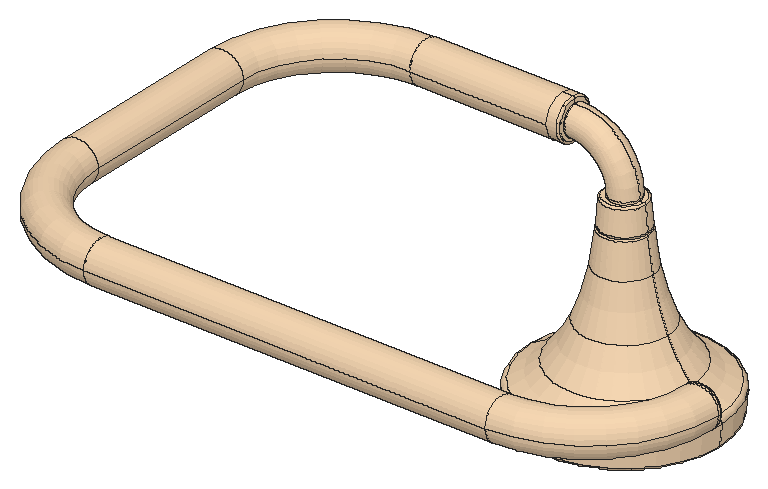
Revit family "Accessory-Towel_Ring-KOHLER-Tone-K-27428", category Specialty Equipment, host Face, Revit 2022
Family settings
  Host = Face
  Round Connector Dimension = Use Diameter
  Part Type = Normal
  OmniClass Number = 23.31.25.25
  OmniClass Title = Towel Bars
  Cut with Voids When Loaded = No
  Maintain Annotation Orientation = No
  Shared = No
  Room Calculation Point = No
Parameters (values of type "2MB-Vibrant Brushed Moderne Brass")
  Width = 8 115/128"  # constant formula
  WaterSense Certified = 1 = 0  # no
  URL = "https://www.us.kohler.com/us/"
  Type = 1
  Secondary Finish = Kohler-Metal-2MB-Vibrant_Brushed_Moderne_Brass
  Product Page URL = "http://www.us.kohler.com/us/catalog/productDetails.jsp?productId=27428"
  Product Name = "Tone\r\n"  # constant formula
  Product Documentation Link = "https://www.us.kohler.com/webassets/kpna/catalog/pdf/en/K-27428_spec_US-CA_Kohler_en.pdf"
  Model = if(Type = 1, "K-27428-2MB", if(Type = 2, "K-27428-BL", if(Type = 3, "K-27428-BMB", if(Type = 4, "K-27428-BN", if(Type = 5, "K-27428-CBL", if(Type = 6, "K-27428-CP", "NA"))))))  # "K-27428-2MB"
  Material = "Premium  Metal Construction"  # constant formula
  Master Format 2014 Name = "Toilet, Bath, and Laundry Accessories"  # constant formula
  Master Format 2014 = "10 28 00"  # constant formula
  Manufacturer Address = "444 Highland Dr, Kohler, WI 53044"  # constant formula
  Manufacturer = "Kohler Co."  # constant formula
  Length = 3 137/256"  # constant formula
  Height = 7 3/128"  # constant formula
  Finish = Kohler-Metal-2MB-Vibrant_Brushed_Moderne_Brass
  Environmental Product Declaration = ""
  Description = "Towel Ring"  # constant formula
  Default Elevation = 42"
  Declare Label = ""
  Date Modified = "03/30/2022"  # constant formula
  Date Created = "03/30/2022"  # constant formula
  Copyright = "Copyright Kohler Co."  # constant formula
  Contact Us = "https://www.us.kohler.com/us/static/contact.jsp"
  Assembly Code = "C1030200"
  ADA Compliant = 1 = 0  # no
Types (7): name | Type | Secondary Finish | Model | Finish
  (no name) | 1 | Kohler-Metal-2MB-Vibrant_Brushed_Moderne_Brass | "K-27428-2MB" | Kohler-Metal-2MB-Vibrant_Brushed_Moderne_Brass
  2MB-Vibrant Brushed Moderne Brass | 1 | Kohler-Metal-2MB-Vibrant_Brushed_Moderne_Brass | "K-27428-2MB" | Kohler-Metal-2MB-Vibrant_Brushed_Moderne_Brass
  BL-Matte Black | 2 | Kohler-Metal-BL-Matte_Black | "K-27428-BL" | Kohler-Metal-BL-Matte_Black
  BMB-Matte Black With Moderne Brass | 3 | Kohler-Metal-2MB-Vibrant_Brushed_Moderne_Brass | "K-27428-BMB" | Kohler-Metal-BL-Matte_Black
  BN-Vibrant Brushed Nickel | 4 | Kohler-Metal-BN-Vibrant_Brushed_Nickel | "K-27428-BN" | Kohler-Metal-BN-Vibrant_Brushed_Nickel
  CBL-Polished Chrome With Matte Black | 5 | Kohler-Metal-CP-Polished_Chrome | "K-27428-CBL" | Kohler-Metal-BL-Matte_Black
  CP-Polished Chrome | 6 | Kohler-Metal-CP-Polished_Chrome | "K-27428-CP" | Kohler-Metal-CP-Polished_Chrome
Reference planes (in)
  plane 1 "Center (Front/Back)": y = 0
  plane 2: z = 0
  plane 3 "Center (Left/Right)": x = 0
  plane 4: y = 1.29457
  plane 5: y = 0.27383
  plane 6: y = -0.27383
  plane 7: y = -1.29457
  plane 8: y = -3.88604
  plane 9: y = -5.18224
  plane 10: y = -5.72886
  plane 11: x = -4.44568
  plane 12: x = -3.89622
  plane 13: x = -1.29457
  plane 14: x = 1.29457
  plane 15: x = 3.90444
  plane 16: x = 4.1786
  plane 17: x = 4.45276
  plane 18: z = 3.53516
  plane 19: z = 2.9871
  plane 20: z = 2.2238
  plane 21: z = 3.26077
Dimensions and locks (in)
  "Height": plane 4 to plane 10
  "Width": plane 11 to plane 17
  plane 4 to plane 7 = 2.58915"  (x2)
  plane 13 to plane 14 = 2.58915"
  plane 3 "Center (Left/Right)" to plane 17 = 4.45276"
  plane 19 to level = 2.9871"
  plane 18 to level = 3 137/256"
  "Length": plane 18 to level
  aligned and locked: plane 2 to host face
  aligned and locked: level to host face
Automatic sketch dimensions
  host sketch curve to host sketch curve = 96"  (x2)
Nested families (in)
  nested 1: "K-27428" at (0, 0, 0), type "K-27428"
Definition of nested family "K-27428"
  Parameters
    Secondary Finish = none
    Material = none
    Default Elevation = 0"
  Reference planes (in)
    plane 1 "Center (Front/Back)": y = 0
    plane 2: z = 0
    plane 3 "Center (Left/Right)": x = 0
    plane 4: z = 3.53445
    plane 5: z = 2.9871
    plane 6: y = 1.29457
    plane 7: y = -5.72948
    plane 8: y = -5.18224
    plane 9: x = 4.45276
    plane 10: x = -4.44488
    plane 11: y = -1.29457
    plane 12: z = 2.2238
    plane 13: x = -1.29457
    plane 14: x = 1.29457
    plane 15: z = 3.26077
    plane 16: x = 4.1786
    plane 17: y = -3.88604
    plane 18: x = -3.89622
    plane 19: y = 0.27383
    plane 20: y = -0.27383
    plane 21: x = 3.90444
  Forms (in)
    Revolve 1, solid, material <- "Material", detail levels medium+fine
      sketch origin (0, 0, 0) x (1, 0, 0) y (0, 0, 1)
        loop
          line (0, 0) -> (0, 2.2238) -> (-0.2868, 2.2238)
          arc (-0.2868, 2.2238) -> (-0.30302, 2.21753) -> (-0.31081, 2.20199) r 0.02412
          arc (-0.31081, 2.20199) -> (-0.33711, 1.9803) -> (-0.37313, 1.75997) r 5.07431
          arc (-0.37313, 1.75997) -> (-0.45425, 1.42811) -> (-0.57176, 1.10733) r 3.06872
          arc (-0.57176, 1.10733) -> (-0.71155, 0.84913) -> (-0.89503, 0.61991) r 1.6446
          arc (-0.89503, 0.61991) -> (-1.05619, 0.48277) -> (-1.24168, 0.38091) r 1.04509
          arc (-1.24168, 0.38091) -> (-1.28218, 0.34574) -> (-1.29426, 0.29348) r 0.08675
          line (-1.29426, 0.29348) -> (-1.27026, 0.01914)
          arc (-1.27026, 0.01914) -> (-1.26353, 0.00551) -> (-1.24937, 0) r 0.02097
          line (-1.24937, 0) -> (0, 0)
        axis (0, 0) -> (0, 2.2238)
      angle from 0 to 360
    Revolve 2, solid, material <- "Secondary Finish", detail levels medium+fine
      sketch origin (0, 0, 0) x (1, 0, 0) y (0, 0, 1)
        loop
          line (0, 2.2238) -> (0, 2.5858) -> (-0.25594, 2.5858)
          arc (-0.25594, 2.5858) -> (-0.27141, 2.57978) -> (-0.27875, 2.5649) r 0.02289
          line (-0.27875, 2.5649) -> (-0.30668, 2.24566)
          arc (-0.30668, 2.24566) -> (-0.30147, 2.23032) -> (-0.28664, 2.2238) r 0.02012
          line (-0.28664, 2.2238) -> (0, 2.2238)
        axis (0, 2.2238) -> (0, 2.5858)
      angle from 0 to 360
    Sweep 3, solid, material <- "Secondary Finish", detail levels medium+fine
      path origin (0, 0, 0) x (1, 0, 0) y (0, 0, 1)
        loop
          line (0, 2.54747) -> (0, 2.61118)
          arc (0, 2.61118) -> (-0.19027, 3.07052) -> (-0.64961, 3.26079) r 0.64961
          line (-0.64961, 3.26079) -> (-0.7396, 3.26079)
      profile origin (0, 0, 2.61118) x (-1, 0, 0) y (0, -1, 0)
        loop
          circle (-0.00385, 0) r 0.19685
    Sweep 4, solid, material <- "Secondary Finish", detail levels medium+fine
      path origin (0, 0, 0) x (1, 0, 0) y (0, 1, 0)
        loop
          line (-0.83131, 0) -> (-2.65517, 0)
          arc (-2.65517, 0) -> (-3.72697, -0.44395) -> (-4.17092, -1.51575) r 1.51575
          line (-4.17092, -1.51575) -> (-4.17092, -3.94011)
          arc (-4.17092, -3.94011) -> (-3.72697, -5.0119) -> (-2.65517, -5.45586) r 1.51575
          line (-2.65517, -5.45586) -> (2.71403, -5.45586)
          arc (2.71403, -5.45586) -> (3.74964, -5.0269) -> (4.1786, -3.99129) r 1.46457
          line (4.1786, -3.99129) -> (4.1786, -3.95715)
      profile origin (0.02943, -5.45586, 0) x (0, 1, 0) y (0, 0, 1)
        loop
          circle (0, 3.26077) r 0.27362
    Revolve 5, void
      sketch origin (0, 0.00308, 0) x (0, 1, 0) y (0, 0, 1)
        loop
          arc (-1.2711, 0.24084) -> (-1.2944, 0.26078) -> (-1.31944, 0.27847) r 0.33027
          line (-1.31944, 0.27847) -> (-1.31944, 0.15748) -> (-1.19144, 0.15748) -> (-1.19144, 0.24084) -> (-1.2711, 0.24084)
        axis (-1.19144, 0.15748) -> (-1.31944, 0.15748)
      angle from 0 to 360
    Extrusion 6, solid, material <- "Material", detail levels medium+fine
      sketch origin (0, 0, 0) x (1, 0, 0) y (0, 0, 1)
        loop
          line (0, 0.21431) -> (-0.04921, 0.18589) -> (-0.04921, 0.12907) -> (0, 0.10065) -> (0.04921, 0.12907) -> (0.04921, 0.18589) -> (0, 0.21431)
        loop
          circle (0, 0.15748) r 0.08336
      from 0.9252 to 1.19247
    Revolve 7, solid, material <- "Secondary Finish", detail levels medium+fine
      sketch origin (0, 0, 0) x (1, 0, 0) y (0, 0, 1)
        loop
          line (-0.83131, 3.26077) -> (-0.67011, 3.26077) -> (-0.67011, 3.51091)
          arc (-0.67011, 3.51091) -> (-0.67699, 3.52752) -> (-0.69359, 3.5344) r 0.02348
          line (-0.69359, 3.5344) -> (-0.83131, 3.5344) -> (-0.83131, 3.26077)
        axis (-0.67011, 3.26077) -> (-0.83131, 3.26077)
      angle from 0 to 360
    Revolve 8, solid, material <- "Secondary Finish", detail levels medium+fine
      sketch origin (4.1786, -3.95511, 48) x (0, -1, 0) y (0, 0, 1)
        loop
          arc (-0.02223, -44.48248) -> (-0.05673, -44.6088) -> (-0.06835, -44.73923) r 0.73771
          line (-0.06835, -44.73923) -> (0.00204, -44.73923) -> (0.00204, -44.4656)
          arc (0.00204, -44.4656) -> (-0.01274, -44.47024) -> (-0.02223, -44.48248) r 0.02588
        axis (0.00204, -44.73923) -> (-0.06835, -44.73923)
      angle from 0 to 360
    Revolve 9, solid, material <- "Material", detail levels coarse
      sketch origin (0, 0, 0) x (1, 0, 0) y (0, 0, 1)
        loop
          line (0, 0) -> (0, 2.2238) -> (-0.30875, 2.2238)
          arc (-0.30875, 2.2238) -> (-0.33559, 1.99114) -> (-0.37313, 1.75997) r 5.07431
          arc (-0.37313, 1.75997) -> (-0.69619, 0.95626) -> (-1.30444, 0.33952) r 2.2003
          line (-1.30444, 0.33952) -> (-1.27473, 0) -> (0, 0)
        axis (0, 0) -> (0, 2.2238)
      angle from 0 to 360
    Revolve 10, solid, material <- "Secondary Finish", detail levels coarse
      sketch origin (0, 0, 0) x (1, 0, 0) y (0, 0, 1)
        loop
          line (0, 2.2238) -> (0, 2.5858) -> (-0.28307, 2.5858) -> (-0.31233, 2.25135)
          arc (-0.31233, 2.25135) -> (-0.30577, 2.23202) -> (-0.28708, 2.2238) r 0.02535
          line (-0.28708, 2.2238) -> (0, 2.2238)
        axis (0, 2.2238) -> (0, 2.5858)
      angle from 0 to 360
    Sweep 11, solid, material <- "Secondary Finish", detail levels coarse
      path origin (0, 0, 0) x (1, 0, 0) y (0, 0, 1)
        loop
          line (0, 2.54747) -> (0, 2.61118)
          arc (0, 2.61118) -> (-0.19027, 3.07052) -> (-0.64961, 3.26079) r 0.64961
          line (-0.64961, 3.26079) -> (-0.7396, 3.26079)
      profile origin (0, 0, 2.61118) x (-1, 0, 0) y (0, -1, 0)
        loop
          circle (-0.00385, 0) r 0.20866
    Sweep 12, solid, material <- "Secondary Finish", detail levels coarse
      path origin (0, 0, 0) x (1, 0, 0) y (0, 1, 0)
        loop
          line (-0.67011, 0) -> (-2.65517, 0)
          arc (-2.65517, 0) -> (-3.72697, -0.44395) -> (-4.17092, -1.51575) r 1.51575
          line (-4.17092, -1.51575) -> (-4.17092, -3.94011)
          arc (-4.17092, -3.94011) -> (-3.72697, -5.0119) -> (-2.65517, -5.45586) r 1.51575
          line (-2.65517, -5.45586) -> (2.71403, -5.45586)
          arc (2.71403, -5.45586) -> (3.74964, -5.0269) -> (4.1786, -3.99129) r 1.46457
          line (4.1786, -3.99129) -> (4.1786, -3.88608)
      profile origin (0.02943, -5.45586, 0) x (0, 1, 0) y (0, 0, 1)
        loop
          circle (0, 3.26077) r 0.2874
  Cuts and joins
    Revolve 5 cuts Revolve 1
    joined: Revolve 2, Sweep 3, Sweep 4, Revolve 7, Revolve 8
    joined: Revolve 10, Sweep 11, Sweep 12
  Lines and regions (in)
    Masking region 1
      outline origin (0, 0, 0) x (1, 0, 0) y (0, 1, 0)
        loop
          arc (-1.26528, -0.27383) -> (1.29457, 0) -> (-1.26528, 0.27383) r 1.29457
          line (-1.26528, 0.27383) -> (-2.65788, 0.27383)
          arc (-2.65788, 0.27383) -> (-3.92148, -0.24957) -> (-4.44488, -1.51318) r 1.787
          line (-4.44488, -1.51318) -> (-4.44488, -3.94236)
          arc (-4.44488, -3.94236) -> (-3.92145, -5.20605) -> (-2.65777, -5.72948) r 1.78712
          line (-2.65777, -5.72948) -> (2.7172, -5.72948)
          arc (2.7172, -5.72948) -> (3.94442, -5.22115) -> (4.45276, -3.99393) r 1.73555
          line (4.45276, -3.99393) -> (4.45276, -3.96163)
          arc (4.45276, -3.96163) -> (4.44671, -3.94249) -> (4.43078, -3.93029) r 0.03333
          arc (4.43078, -3.93029) -> (4.17662, -3.88604) -> (3.92271, -3.9317) r 0.74023
          arc (3.92271, -3.9317) -> (3.90972, -3.94173) -> (3.9048, -3.95739) r 0.02738
          line (3.9048, -3.95739) -> (3.9048, -3.98966)
          arc (3.9048, -3.98966) -> (3.5555, -4.83294) -> (2.71223, -5.18224) r 1.19257
          line (2.71223, -5.18224) -> (-2.65191, -5.18224)
          arc (-2.65191, -5.18224) -> (-3.53177, -4.81779) -> (-3.89622, -3.93792) r 1.24431
          line (-3.89622, -3.93792) -> (-3.89622, -1.51731)
          arc (-3.89622, -1.51731) -> (-3.53201, -0.63803) -> (-2.65273, -0.27383) r 1.24348
          line (-2.65273, -0.27383) -> (-1.26528, -0.27383)
    Masking region 2
      outline origin (0, 0, 0) x (1, 0, 0) y (0, 0, 1)
        loop
          arc (4.17905, 2.9871) -> (4.45272, 3.26077) -> (4.17905, 3.53445) r 0.27368
          line (4.17905, 3.53445) -> (-4.17208, 3.53445)
          arc (-4.17208, 3.53445) -> (-4.44576, 3.26077) -> (-4.17208, 2.9871) r 0.27368
          line (-4.17208, 2.9871) -> (-0.39314, 2.9871)
          arc (-0.39314, 2.9871) -> (-0.24567, 2.822) -> (-0.19249, 2.60712) r 0.45955
          arc (-0.19249, 2.60712) -> (-0.18647, 2.59225) -> (-0.17179, 2.5858) r 0.02132
          line (-0.17179, 2.5858) -> (-0.2562, 2.5858)
          arc (-0.2562, 2.5858) -> (-0.27206, 2.57962) -> (-0.2796, 2.56435) r 0.02349
          line (-0.2796, 2.56435) -> (-0.30739, 2.24666)
          arc (-0.30739, 2.24666) -> (-0.30194, 2.23062) -> (-0.28674, 2.22379) r 0.02103
          arc (-0.28674, 2.22379) -> (-0.30343, 2.21749) -> (-0.31134, 2.20149) r 0.02435
          arc (-0.31134, 2.20149) -> (-0.35107, 1.88371) -> (-0.41629, 1.57017) r 3.97009
          arc (-0.41629, 1.57017) -> (-0.50858, 1.27248) -> (-0.63313, 0.98679) r 2.82298
          arc (-0.63313, 0.98679) -> (-0.79974, 0.72933) -> (-1.01767, 0.51358) r 1.42207
          arc (-1.01767, 0.51358) -> (-1.12415, 0.44076) -> (-1.24002, 0.38407) r 0.89109
          arc (-1.24002, 0.38407) -> (-1.28135, 0.3492) -> (-1.29386, 0.2966) r 0.0864
          line (-1.29386, 0.2966) -> (-1.27037, 0.02004)
          arc (-1.27037, 0.02004) -> (-1.26337, 0.00577) -> (-1.24856, 0) r 0.02189
          line (-1.24856, 0) -> (1.24856, 0)
          arc (1.24856, 0) -> (1.26337, 0.00577) -> (1.27037, 0.02004) r 0.02189
          line (1.27037, 0.02004) -> (1.29386, 0.2966)
          arc (1.29386, 0.2966) -> (1.28135, 0.3492) -> (1.24002, 0.38407) r 0.0864
          arc (1.24002, 0.38407) -> (1.12415, 0.44076) -> (1.01767, 0.51358) r 0.89109
          arc (1.01767, 0.51358) -> (0.79974, 0.72933) -> (0.63313, 0.98679) r 1.42207
          arc (0.63313, 0.98679) -> (0.50858, 1.27248) -> (0.41629, 1.57017) r 2.82298
          arc (0.41629, 1.57017) -> (0.35107, 1.88371) -> (0.31134, 2.20149) r 3.97009
          arc (0.31134, 2.20149) -> (0.30343, 2.21749) -> (0.28644, 2.2238) r 0.02435
          arc (0.28644, 2.2238) -> (0.30194, 2.23062) -> (0.30739, 2.24666) r 0.02103
          line (0.30739, 2.24666) -> (0.2796, 2.56435)
          arc (0.2796, 2.56435) -> (0.27206, 2.57962) -> (0.2562, 2.5858) r 0.02349
          line (0.2562, 2.5858) -> (0.18117, 2.5858)
          arc (0.18117, 2.5858) -> (0.19528, 2.59184) -> (0.20122, 2.606) r 0.02048
          arc (0.20122, 2.606) -> (0.18023, 2.80185) -> (0.1133, 2.9871) r 0.82295
          line (0.1133, 2.9871) -> (4.17905, 2.9871)
    Masking region 3
      outline origin (0, 0, 0) x (0, 1, 0) y (0, 0, 1)
        loop
          line (-0.1772, 2.5858) -> (-0.2566, 2.5858)
          arc (-0.2566, 2.5858) -> (-0.27247, 2.57962) -> (-0.28, 2.56435) r 0.02349
          line (-0.28, 2.56435) -> (-0.3078, 2.24666)
          arc (-0.3078, 2.24666) -> (-0.30235, 2.23062) -> (-0.28685, 2.2238) r 0.02103
          arc (-0.28685, 2.2238) -> (-0.30384, 2.21749) -> (-0.31175, 2.20149) r 0.02435
          arc (-0.31175, 2.20149) -> (-0.35148, 1.88371) -> (-0.4167, 1.57017) r 3.97009
          arc (-0.4167, 1.57017) -> (-0.50899, 1.27248) -> (-0.63354, 0.98679) r 2.82298
          arc (-0.63354, 0.98679) -> (-0.80015, 0.72933) -> (-1.01808, 0.51358) r 1.42207
          arc (-1.01808, 0.51358) -> (-1.12455, 0.44076) -> (-1.24043, 0.38407) r 0.89109
          arc (-1.24043, 0.38407) -> (-1.28175, 0.3492) -> (-1.29426, 0.2966) r 0.0864
          line (-1.29426, 0.2966) -> (-1.27078, 0.02004)
          arc (-1.27078, 0.02004) -> (-1.26378, 0.00577) -> (-1.24897, 0) r 0.02189
          line (-1.24897, 0) -> (1.24815, 0)
          arc (1.24815, 0) -> (1.26296, 0.00577) -> (1.26997, 0.02004) r 0.02189
          line (1.26997, 0.02004) -> (1.29345, 0.2966)
          arc (1.29345, 0.2966) -> (1.28094, 0.3492) -> (1.23961, 0.38407) r 0.0864
          arc (1.23961, 0.38407) -> (1.12374, 0.44076) -> (1.01727, 0.51358) r 0.89109
          arc (1.01727, 0.51358) -> (0.79933, 0.72933) -> (0.63272, 0.98679) r 1.42207
          arc (0.63272, 0.98679) -> (0.50818, 1.27248) -> (0.41588, 1.57017) r 2.82298
          arc (0.41588, 1.57017) -> (0.35067, 1.88371) -> (0.31094, 2.20149) r 3.97009
          arc (0.31094, 2.20149) -> (0.30303, 2.21749) -> (0.28633, 2.22379) r 0.02435
          arc (0.28633, 2.22379) -> (0.30154, 2.23062) -> (0.30698, 2.24666) r 0.02103
          line (0.30698, 2.24666) -> (0.27919, 2.56435)
          arc (0.27919, 2.56435) -> (0.27166, 2.57962) -> (0.25579, 2.5858) r 0.02349
          line (0.25579, 2.5858) -> (0.1772, 2.5858)
          arc (0.1772, 2.5858) -> (0.19125, 2.59344) -> (0.19685, 2.60843) r 0.02287
          line (0.19685, 2.60843) -> (0.19685, 3.07065)
          arc (0.19685, 3.07065) -> (0.25192, 3.3677) -> (0, 3.53445) r 0.27368
          line (0, 3.53445) -> (-5.45583, 3.53445)
          arc (-5.45583, 3.53445) -> (-5.7295, 3.26077) -> (-5.45583, 2.9871) r 0.27368
          line (-5.45583, 2.9871) -> (-0.19685, 2.9871) -> (-0.19685, 2.60843)
          arc (-0.19685, 2.60843) -> (-0.19125, 2.59344) -> (-0.1772, 2.5858) r 0.02287
    symbolic lines, detail levels medium+fine
      curve 1: line (-0.67011, 0, 3.51319) -> (-0.67011, 0, 3.48478)
      curve 2: arc (-0.6927, 0, 3.53445) -> (-0.67682, 0, 3.5287) -> (-0.67011, 0, 3.51319) r 0.0213
      curve 3: arc (-0.6927, 0, 2.9871) -> (-0.67682, 0, 2.99285) -> (-0.67011, 0, 3.00836) r 0.0213
      curve 4: arc (0.1133, 0, 2.9871) -> (-0.20117, 0, 3.33185) -> (-0.6489, 0, 3.4633) r 0.86578
      curve 5: arc (-0.64996, 0, 3.06683) -> (-0.51558, 0, 3.0462) -> (-0.39314, 0, 2.9871) r 0.45877
      curve 6: arc (4.17905, 0, 3.53445) -> (3.90537, 0, 3.26077) -> (4.17905, 0, 2.9871) r 0.27368
      curve 7: circle (4.1786, 0, 3.26077) r 0.26076 normal (0, -1, 0)
      curve 8: line (0.20122, 0, 2.606) -> (-0.19249, 0, 2.606)
      curve 9: line (0.18117, 0, 2.5858) -> (-0.17179, 0, 2.5858)
      curve 10: line (0.2796, 0, 2.56435) -> (-0.2796, 0, 2.56435)
      curve 11: line (0.28644, 0, 2.2238) -> (-0.28644, 0, 2.2238)
      curve 12: line (0.30739, 0, 2.24666) -> (-0.30739, 0, 2.24666)
      curve 13: line (0.31134, 0, 2.20149) -> (-0.31134, 0, 2.20149)
      curve 14: line (1.24002, 0, 0.38407) -> (-1.24002, 0, 0.38407)
      curve 15: line (1.29386, 0, 0.2966) -> (-1.29386, 0, 0.2966)
      curve 16: line (1.27037, 0, 0.02004) -> (-1.27037, 0, 0.02004)
      curve 17: line (-0.6927, 0, 3.53445) -> (-0.6927, 0, 2.9871)
      curve 18: line (-0.67011, 0, 3.48478) -> (-0.67011, 0, 3.04675)
      curve 19: line (-0.67011, 0, 3.04675) -> (-0.67011, 0, 3.00836)
      curve 20: arc (-0.67011, 0, 3.48478) -> (-0.66392, 0, 3.46969) -> (-0.6489, 0, 3.4633) r 0.02149
      curve 21: arc (-0.67011, 0, 3.04675) -> (-0.66421, 0, 3.06097) -> (-0.64996, 0, 3.06683) r 0.02008
      curve 22: line (0, -0.19685, 2.5858) -> (0, 0.19685, 2.5858)
      curve 23: line (0, -0.28, 2.56435) -> (0, 0.27919, 2.56435)
      curve 24: line (0, -0.28685, 2.2238) -> (0, 0.28603, 2.2238)
      curve 25: line (0, -0.3078, 2.24666) -> (0, 0.30698, 2.24666)
      curve 26: line (0, -0.31175, 2.20149) -> (0, 0.31094, 2.20149)
      curve 27: line (0, -1.24043, 0.38407) -> (0, 1.23961, 0.38407)
      curve 28: line (0, -1.29426, 0.2966) -> (0, 1.29345, 0.2966)
      curve 29: line (0, -1.27078, 0.02004) -> (0, 1.26997, 0.02004)
      curve 30: arc (0, 0.19685, 3.07065) -> (0, 0, 3.53445) -> (0, -0.19685, 3.07065) r 0.27368
      curve 31: line (0, -0.19685, 3.26553) -> (0, -0.19685, 2.9871)
      curve 32: line (0, 0.19685, 3.07065) -> (0, 0.19685, 3.26553)
      curve 33: arc (0, 0.19685, 3.26553) -> (0, 0, 3.46238) -> (0, -0.19685, 3.26553) r 0.19685
      curve 34: arc (0, -0.19685, 3.12631) -> (0, 0, 3.49916) -> (0, 0.19685, 3.12631) r 0.23839
      curve 35: arc (0, -3.93026, 3.51451) -> (0, -3.88417, 3.26362) -> (0, -3.92876, 3.01246) r 0.71757
      curve 36: arc (0, -3.95694, 3.53445) -> (0, -3.94068, 3.52838) -> (0, -3.93026, 3.51451) r 0.03093
      curve 37: arc (0, -3.95694, 2.9871) -> (0, -3.93851, 2.99496) -> (0, -3.92876, 3.01246) r 0.03093
      curve 38: line (0, -3.95694, 3.53445) -> (0, -3.95694, 2.9871)
      curve 39: line (0, -3.93026, 3.51451) -> (0, -3.93026, 3.00845)
      curve 40: line (0, -0.19685, 2.60843) -> (0, 0.19685, 2.60843)
      curve 41: line (-0.67011, 0.25271, 0) -> (-0.67011, 0.21587, 0)
      curve 42: line (-0.65109, 0.19685, 0) -> (0.00618, 0.19685, 0)
      curve 43: line (-0.64855, -0.19685, 0) -> (0.00618, -0.19685, 0)
      curve 44: arc (0.00618, 0.19685, 0) -> (0.20303, 0, 0) -> (0.00618, -0.19685, 0) r 0.19685
      curve 45: arc (-0.19685, 0.19685, 0) -> (0.27839, 0, 0) -> (-0.19685, -0.19685, 0) r 0.27839
      curve 46: arc (-0.13784, 0.19685, 0) -> (0.24031, 0, 0) -> (-0.13784, -0.19685, 0) r 0.24031
      curve 47: arc (-0.2346, 0.19685, 0) -> (0.30624, 0, 0) -> (-0.2346, -0.19685, 0) r 0.30624
      curve 48: arc (-0.24309, 0.19685, 0) -> (0.3128, 0, 0) -> (-0.24309, -0.19685, 0) r 0.3128
      curve 49: line (-1.26528, 0.27383, 0) -> (-0.69123, 0.27383, 0)
      curve 50: line (-1.26528, -0.27383, 0) -> (-0.6912, -0.27383, 0)
      curve 51: arc (-0.69123, 0.27383, 0) -> (-0.6763, 0.26764, 0) -> (-0.67011, 0.25271, 0) r 0.02112
      curve 52: arc (-0.67011, -0.25274, 0) -> (-0.67629, -0.26765, 0) -> (-0.6912, -0.27383, 0) r 0.02109
      curve 53: line (-0.67011, 0.21587, 0) -> (-0.67011, -0.21841, 0)
      curve 54: line (-0.67011, -0.21841, 0) -> (-0.67011, -0.25274, 0)
      curve 55: arc (-0.67011, 0.21587, 0) -> (-0.66454, 0.20242, 0) -> (-0.65109, 0.19685, 0) r 0.01902
      curve 56: arc (-0.67011, -0.21841, 0) -> (-0.6638, -0.20317, 0) -> (-0.64855, -0.19685, 0) r 0.02156
      curve 57: arc (-1.18607, 0.27383, 0) -> (1.21727, 0, 0) -> (-1.18607, -0.27383, 0) r 1.21727
      curve 58: line (3.92271, -3.9317, 0) -> (4.43355, -3.9317, 0)
      curve 59: line (3.9048, -3.95739, 0) -> (4.45222, -3.95739, 0)
      curve 60: line (-0.6912, -0.27383, 0) -> (-0.69123, 0.27383, 0)
      curve 61: line (-2.65788, 0.27383, 0) -> (-2.65788, -0.27384, 0)
      curve 62: line (-3.89622, -1.51731, 0) -> (-4.44488, -1.51731, 0)
      curve 63: line (-3.89622, -3.93792, 0) -> (-4.44488, -3.93792, 0)
      curve 64: line (-2.65191, -5.18224, 0) -> (-2.65191, -5.72948, 0)
      curve 65: line (2.71223, -5.18224, 0) -> (2.71223, -5.72948, 0)
      curve 66: line (0, -1.29457, 3.53445) -> (0, -1.29457, 2.9871)
      curve 67: line (2.67634, 0, 3.53445) -> (2.67634, 0, 2.9871)
      curve 68: line (-0.64996, 0, 3.06683) -> (-0.6489, 0, 3.4633)
  Dimensions and locks (in)
    plane 5 to level = 2.9871"
    plane 4 to level = 3.53445"
    plane 6 to plane 7 = 7.02405"
    plane 8 to plane 7 = 0.54724"
    plane 3 "Center (Left/Right)" to plane 9 = 4.45276"
    plane 10 to plane 9 = 8.89764"
    plane 6 to plane 11 = 2.58915"
    plane 14 to plane 13 = 2.58915"
    aligned and locked: plane 2 to level
  Automatic sketch dimensions
    Revolve 1 sketch curve to level = 0"
    Revolve 1 sketch curve to plane 12 = 0"  (x2)
    Revolve 1 sketch curve to plane 3 "Center (Left/Right)" = 0"  (x2)
    Revolve 1 sketch curve to Revolve 1 sketch curve = 0.2868"
    plane 13 to Revolve 1 sketch curve = 0.08673"
    plane 13 to Revolve 1 sketch curve = 0.04521"
    level to Revolve 1 sketch curve = 0.01914"
    Revolve 1 sketch curve to Revolve 1 sketch curve = 0.02089"
    plane 13 to Revolve 1 sketch curve = 0.00031"
    Revolve 1 sketch curve to plane 13 = 0.35482"
    Revolve 1 sketch curve to plane 12 = 0.46569"
    Revolve 1 sketch curve to Revolve 1 sketch curve = 0.43274"
    plane 12 to Revolve 1 sketch curve = 0.09784"
    plane 10 to Revolve 1 sketch curve = 1.05487"
    Revolve 1 sketch curve to plane 10 = 0.91684"
    Revolve 1 sketch curve to Revolve 1 sketch curve = 0.27434"
    Revolve 1 sketch curve to Revolve 1 sketch curve = 0.00756"
    Revolve 1 sketch curve to Revolve 1 sketch curve = 0.41491"
    Revolve 1 sketch curve to plane 12 = 0.02412"
    Revolve 1 sketch curve to plane 5 = 0.29838"
    Revolve 1 sketch curve to Revolve 1 sketch curve = 0"  (x4)
    Revolve 1 sketch curve to Revolve 1 sketch curve = 0.26394"
    Revolve 2 sketch curve to plane 12 = 0"
    Revolve 2 sketch curve to plane 3 "Center (Left/Right)" = 0"  (x2)
    Revolve 2 sketch curve to plane 3 "Center (Left/Right)" = 0.25594"
    Revolve 2 sketch curve to Revolve 2 sketch curve = 0.0228"
    Revolve 2 sketch curve to Revolve 2 sketch curve = 0.28664"
    plane 12 to Revolve 2 sketch curve = 0.02187"
    Revolve 2 sketch curve to Revolve 2 sketch curve = 0.02004"
    Revolve 2 sketch curve to Revolve 2 sketch curve = 0.31899"
    Revolve 2 sketch curve to Revolve 2 sketch curve = 0.00199"
    Revolve 2 sketch curve to Revolve 2 sketch curve = 0"
    Revolve 2 sketch curve to plane 5 = 0.0982"
    Sweep 3 sketch curve to plane 3 "Center (Left/Right)" = 0"
    plane 15 to Sweep 3 sketch curve = 0"
    plane 13 to Sweep 3 sketch curve = 0.64497"
    Sweep 3 sketch curve to Sweep 3 sketch curve = 0.08999"
    Sweep 3 sketch curve to Sweep 3 sketch curve = 0.06371"
    plane 1 "Center (Front/Back)" to Sweep 3 sketch curve = 0"
    profile plane to Sweep 3 sketch curve = 0.00385"
    plane 1 "Center (Front/Back)" to Sweep 4 sketch curve = 0"
    Sweep 4 sketch curve to plane 16 = 0"
    plane 7 to Sweep 4 sketch curve = 0.27362"
    Sweep 4 sketch curve to plane 14 = 1.41946"
    Sweep 4 sketch curve to plane 13 = 1.3606"  (x2)
    Sweep 4 sketch curve to plane 11 = 0.22117"
    plane 13 to Sweep 4 sketch curve = 0.46327"
    Sweep 4 sketch curve to Sweep 4 sketch curve = 0.03414"
    Sweep 4 sketch curve to profile plane = 0"
    level to Sweep 4 sketch curve = 3.26077"
    level to Revolve 5 sketch curve = 0.00014"
    Revolve 5 sketch curve to plane 11 = 0.19961"
    Revolve 5 sketch curve to plane 11 = 0.02179"
    plane 11 to Revolve 5 sketch curve = 0.02655"
    Revolve 5 sketch curve to Revolve 5 sketch curve = 0.07966"
    level to Revolve 5 sketch curve = 0.15748"
    Revolve 5 sketch curve to Revolve 5 sketch curve = 0.08336"
    Revolve 5 sketch curve to Revolve 5 sketch curve = 0.05151"
    Revolve 5 sketch curve to Revolve 5 sketch curve = 0"  (x2)
    Extrusion 6 sketch curve to plane 3 "Center (Left/Right)" = 0"  (x3)
    Extrusion 6 sketch curve to plane 3 "Center (Left/Right)" = 0.04921"
    plane 3 "Center (Left/Right)" to Extrusion 6 sketch curve = 0.04921"
    level to Extrusion 6 sketch curve = 0.10065"
    Extrusion 6 sketch curve to Extrusion 6 sketch curve = 0.02841"  (x5)
    Extrusion 6 sketch curve to Extrusion 6 sketch curve = 0.05683"
    Revolve 7 sketch curve to plane 15 = 0"  (x2)
    Revolve 7 sketch curve to plane 4 = 0.00005"
    plane 13 to Revolve 7 sketch curve = 0.46327"
    Revolve 7 sketch curve to Revolve 7 sketch curve = 0.13771"
    Revolve 7 sketch curve to Revolve 7 sketch curve = 0.16119"
    Revolve 7 sketch curve to Revolve 7 sketch curve = 0"
    Revolve 7 sketch curve to Revolve 7 sketch curve = 0.06555"
    Revolve 8 sketch curve to plane 15 = 0"  (x2)
    plane 8 to Revolve 8 sketch curve = 1.29547"
    Revolve 8 sketch curve to Revolve 8 sketch curve = 0.07039"
    plane 8 to Revolve 8 sketch curve = 0.55776"
    Revolve 8 sketch curve to plane 4 = 0.02594"
    Revolve 8 sketch curve to plane 4 = 0.00005"
    Revolve 8 sketch curve to Revolve 8 sketch curve = 0.12252"
    Revolve 8 sketch curve to Revolve 8 sketch curve = 0"
    Masking region 1 sketch curve to plane 10 = 0"
    Masking region 1 sketch curve to plane 7 = 0"
    Masking region 1 sketch curve to plane 8 = 0"
    plane 1 "Center (Front/Back)" to Masking region 1 sketch curve = 0"
    Masking region 1 sketch curve to plane 3 "Center (Left/Right)" = 0"
    Masking region 1 sketch curve to plane 9 = 0"
    plane 10 to Masking region 1 sketch curve = 0.54867"
    Masking region 1 sketch curve to plane 1 "Center (Front/Back)" = 0.27383"
    Masking region 1 sketch curve to plane 13 = 1.36331"
    Masking region 1 sketch curve to Masking region 1 sketch curve = 1.23845"
    plane 1 "Center (Front/Back)" to Masking region 1 sketch curve = 0.27383"
    Masking region 1 sketch curve to Masking region 1 sketch curve = 0.00515"
    Masking region 1 sketch curve to Masking region 1 sketch curve = 0.00586"
    plane 13 to Masking region 1 sketch curve = 0.02929"
    Masking region 1 sketch curve to plane 14 = 1.41765"
    Masking region 1 sketch curve to Masking region 1 sketch curve = 0.00497"
    plane 16 to Masking region 1 sketch curve = 0.2738"
    Masking region 1 sketch curve to Masking region 1 sketch curve = 0.02738"
    Masking region 1 sketch curve to plane 16 = 0.00007"
    Masking region 1 sketch curve to plane 9 = 0.03333"
    plane 8 to Masking region 1 sketch curve = 0.55596"
    Masking region 1 sketch curve to Masking region 1 sketch curve = 0.0323"
    Masking region 1 sketch curve to Masking region 1 sketch curve = 0.03227"
    Masking region 1 sketch curve to Masking region 1 sketch curve = 0"
    Masking region 2 sketch curve to plane 15 = 0"
    Masking region 2 sketch curve to plane 4 = 0"
    Masking region 2 sketch curve to level = 0"
    Masking region 2 sketch curve to plane 12 = 0"  (x4)
    Masking region 2 sketch curve to plane 5 = 0"
    plane 10 to Masking region 2 sketch curve = 0.17746"
    plane 10 to Masking region 2 sketch curve = 0.2728"
    plane 12 to Masking region 2 sketch curve = 0.03224"  (x2)
    Masking region 2 sketch curve to Masking region 2 sketch curve = 1.11273"
    Masking region 2 sketch curve to plane 13 = 0.60878"
    Masking region 2 sketch curve to plane 13 = 0.27808"
    plane 13 to Masking region 2 sketch curve = 0.00072"
    plane 13 to Masking region 2 sketch curve = 0.0242"
    Masking region 2 sketch curve to Masking region 2 sketch curve = 0.02181"  (x2)
    Masking region 2 sketch curve to Masking region 2 sketch curve = 0.08609"
    plane 13 to Masking region 2 sketch curve = 0.64253"
    Masking region 2 sketch curve to Masking region 2 sketch curve = 0.03038"
    Masking region 2 sketch curve to plane 3 "Center (Left/Right)" = 0.39314"
    plane 12 to Masking region 2 sketch curve = 0.02286"  (x2)
    Masking region 2 sketch curve to plane 3 "Center (Left/Right)" = 0.30739"
    Masking region 2 sketch curve to plane 12 = 0.02435"  (x2)
    Masking region 2 sketch curve to Masking region 2 sketch curve = 0.02031"
    plane 12 to Masking region 2 sketch curve = 0.02103"  (x2)
    Masking region 2 sketch curve to plane 3 "Center (Left/Right)" = 0.2796"
    Masking region 2 sketch curve to Masking region 2 sketch curve = 0.0234"  (x2)
    Masking region 2 sketch curve to Masking region 2 sketch curve = 0.08441"
    Masking region 2 sketch curve to Masking region 2 sketch curve = 0.00062"
    plane 3 "Center (Left/Right)" to Masking region 2 sketch curve = 0.1133"
    plane 3 "Center (Left/Right)" to Masking region 2 sketch curve = 0.18074"
    Masking region 2 sketch curve to Masking region 2 sketch curve = 0.00042"
    Masking region 2 sketch curve to Masking region 2 sketch curve = 0.07503"
    plane 3 "Center (Left/Right)" to Masking region 2 sketch curve = 0.28644"
    Masking region 2 sketch curve to Masking region 2 sketch curve = 0.00064"
    plane 14 to Masking region 2 sketch curve = 0.0868"
    plane 14 to Masking region 2 sketch curve = 0.04601"
    level to Masking region 2 sketch curve = 0.02004"  (x2)
    plane 14 to Masking region 2 sketch curve = 0.00072"
    Masking region 2 sketch curve to plane 14 = 0.27808"
    Masking region 2 sketch curve to Masking region 2 sketch curve = 0.3307"
    plane 16 to Masking region 2 sketch curve = 1.02391"
    Masking region 2 sketch curve to plane 16 = 0.00045"
    Masking region 2 sketch curve to plane 16 = 0.08882"
    Masking region 2 sketch curve to Masking region 2 sketch curve = 0.27657"  (x2)
    Masking region 2 sketch curve to Masking region 2 sketch curve = 0.00731"  (x2)
    Masking region 2 sketch curve to Masking region 2 sketch curve = 0.91414"  (x2)
    Masking region 2 sketch curve to Masking region 2 sketch curve = 0.41542"  (x2)
    Masking region 2 sketch curve to Masking region 2 sketch curve = 0.45237"  (x2)
    Masking region 2 sketch curve to Masking region 2 sketch curve = 0.31748"  (x2)
    Masking region 2 sketch curve to Masking region 2 sketch curve = 0.00205"  (x2)
    Masking region 2 sketch curve to Masking region 2 sketch curve = 0.02047"
    Masking region 2 sketch curve to Masking region 2 sketch curve = 0.02131"
    Masking region 2 sketch curve to Masking region 2 sketch curve = 0.04306"
    Masking region 2 sketch curve to Masking region 2 sketch curve = 0.00944"
    Masking region 2 sketch curve to Masking region 2 sketch curve = 0"  (x9)
    Masking region 2 sketch curve to Masking region 2 sketch curve = 0.0003"
    Masking region 3 sketch curve to plane 15 = 0"  (x2)
    Masking region 3 sketch curve to plane 5 = 0"
    Masking region 3 sketch curve to level = 0"
    Masking region 3 sketch curve to plane 12 = 0"  (x4)
    Masking region 3 sketch curve to plane 1 "Center (Front/Back)" = 0"
    plane 1 "Center (Front/Back)" to Masking region 3 sketch curve = 0.17399"
    Masking region 3 sketch curve to Masking region 3 sketch curve = 0.00321"  (x2)
    plane 1 "Center (Front/Back)" to Masking region 3 sketch curve = 0.19685"
    Masking region 3 sketch curve to Masking region 3 sketch curve = 0.05975"
    Masking region 3 sketch curve to Masking region 3 sketch curve = 0.0234"  (x2)
    plane 12 to Masking region 3 sketch curve = 0.02103"  (x2)
    plane 1 "Center (Front/Back)" to Masking region 3 sketch curve = 0.28685"
    Masking region 3 sketch curve to Masking region 3 sketch curve = 0.00064"  (x2)
    plane 12 to Masking region 3 sketch curve = 0.02286"  (x2)
    plane 11 to Masking region 3 sketch curve = 0.0864"
    level to Masking region 3 sketch curve = 0.02189"
    plane 11 to Masking region 3 sketch curve = 0.04561"
    level to Masking region 3 sketch curve = 0.02004"  (x2)
    plane 11 to Masking region 3 sketch curve = 0.00031"
    Masking region 3 sketch curve to plane 11 = 0.27849"
    Masking region 3 sketch curve to Masking region 3 sketch curve = 0.3307"  (x2)
    plane 12 to Masking region 3 sketch curve = 0.03224"  (x2)
    Masking region 3 sketch curve to Masking region 3 sketch curve = 1.25133"  (x2)
    plane 12 to Masking region 3 sketch curve = 0.31093"  (x2)
    plane 8 to Masking region 3 sketch curve = 0.91441"
    Masking region 3 sketch curve to plane 8 = 0.27359"
    Masking region 3 sketch curve to plane 1 "Center (Front/Back)" = 0.17399"
    Masking region 3 sketch curve to Masking region 3 sketch curve = 0.02287"
    Masking region 3 sketch curve to Masking region 3 sketch curve = 0.05894"
    Masking region 3 sketch curve to plane 1 "Center (Front/Back)" = 0.28603"
    plane 6 to Masking region 3 sketch curve = 0.08721"
    plane 6 to Masking region 3 sketch curve = 0.04642"
    Masking region 3 sketch curve to Masking region 3 sketch curve = 0.02181"
    plane 6 to Masking region 3 sketch curve = 0.00112"
    Masking region 3 sketch curve to plane 6 = 0.27768"
    Masking region 3 sketch curve to Masking region 3 sketch curve = 1.11273"
    Masking region 3 sketch curve to Masking region 3 sketch curve = 0.27657"  (x2)
    Masking region 3 sketch curve to Masking region 3 sketch curve = 0.00731"  (x2)
    Masking region 3 sketch curve to Masking region 3 sketch curve = 0.91414"  (x2)
    Masking region 3 sketch curve to Masking region 3 sketch curve = 0.41542"  (x2)
    Masking region 3 sketch curve to plane 12 = 0.02435"  (x2)
    Masking region 3 sketch curve to Masking region 3 sketch curve = 0.31748"  (x2)
    Masking region 3 sketch curve to Masking region 3 sketch curve = 0.00205"  (x2)
    Masking region 3 sketch curve to Masking region 3 sketch curve = 0.0003"  (x2)
    Masking region 3 sketch curve to Masking region 3 sketch curve = 0"  (x8)
    curve 45 to curve 46 = 0"  (x2)
    curve 45 to curve 47 = 0"  (x2)
    curve 45 to curve 48 = 0"  (x2)
    curve 45 to curve 57 = 0"  (x2)
    curve 46 to curve 47 = 0"  (x2)
    curve 46 to curve 48 = 0"  (x2)
    curve 46 to curve 57 = 0"  (x2)
    curve 47 to curve 48 = 0"  (x2)
    curve 47 to curve 57 = 0"  (x2)
    curve 48 to curve 57 = 0"  (x2)
    curve 64 to plane 7 = 0"
    curve 64 to plane 8 = 0"
    plane 1 "Center (Front/Back)" to curve 45 = 0"
    curve 45 to plane 3 "Center (Left/Right)" = 0"
    plane 1 "Center (Front/Back)" to curve 44 = 0"
    curve 65 to plane 8 = 0"
    curve 65 to plane 7 = 0"
    plane 1 "Center (Front/Back)" to curve 43 = 0.19685"
    plane 13 to curve 43 = 0.64602"
    curve 55 to curve 56 = 0.00254"
    curve 41 to curve 55 = 0.01902"
    curve 50 to curve 52 = 0.02109"
    curve 51 to curve 41 = 0.02112"
    plane 3 "Center (Left/Right)" to curve 43 = 0.00618"
    curve 60 to curve 56 = 0.05541"
    curve 41 to curve 41 = 0.03684"
    curve 46 to plane 3 "Center (Left/Right)" = 0.13784"
    curve 45 to curve 46 = 0.05901"
    curve 47 to curve 45 = 0.03775"
    curve 48 to curve 47 = 0.00849"
    plane 13 to curve 57 = 0.1085"
    plane 13 to curve 50 = 0.02929"
    plane 13 to curve 49 = 0.02929"
    curve 64 to plane 13 = 1.35733"
    plane 1 "Center (Front/Back)" to curve 61 = 0.27384"
    curve 61 to plane 13 = 1.36331"
    curve 62 to plane 11 = 0.22273"
    plane 10 to curve 62 = 0.54867"
    plane 10 to curve 63 = 0.54867"
    plane 10 to curve 63 = 0"
    plane 10 to curve 62 = 0"
    curve 65 to plane 14 = 1.41765"
    plane 16 to curve 59 = 0.2738"
    curve 59 to curve 58 = 0.01791"
    curve 58 to plane 9 = 0.01921"
    curve 59 to plane 9 = 0.00054"
    plane 8 to curve 59 = 1.22484"
    plane 8 to curve 63 = 1.24431"
    curve 59 to curve 58 = 0.02569"
    curve 61 to plane 1 "Center (Front/Back)" = 0.27383"
    curve 30 to curve 34 = 0"  (x2)
    curve 38 to plane 5 = 0"
    curve 36 to plane 4 = 0"
    curve 66 to plane 4 = 0"
    curve 66 to plane 11 = 0"
    curve 24 to plane 12 = 0"
    curve 31 to plane 5 = 0"
    curve 34 to plane 1 "Center (Front/Back)" = 0"
    curve 33 to plane 1 "Center (Front/Back)" = 0"
    curve 66 to plane 5 = 0"
    curve 34 to plane 15 = 0"
    curve 39 to plane 4 = 0.01994"
    plane 8 to curve 39 = 1.25198"
    curve 38 to curve 39 = 0.02668"
    curve 36 to plane 4 = 0.03085"
    curve 37 to curve 39 = 0.02895"
    plane 15 to curve 35 = 0.00071"
    plane 15 to curve 31 = 0.00476"
    plane 1 "Center (Front/Back)" to curve 31 = 0.19685"
    plane 5 to curve 37 = 0.03085"
    plane 5 to curve 32 = 0.08355"
    plane 11 to curve 28 = 0.00031"
    plane 11 to curve 29 = 0.0238"
    plane 11 to curve 27 = 0.05415"
    curve 26 to plane 12 = 0.02231"
    plane 1 "Center (Front/Back)" to curve 26 = 0.31175"
    curve 26 to curve 25 = 0.00395"
    curve 25 to curve 24 = 0.02095"
    plane 1 "Center (Front/Back)" to curve 23 = 0.28"
    curve 23 to curve 40 = 0.08315"
    curve 22 to curve 40 = 0"
    curve 22 to plane 1 "Center (Front/Back)" = 0.19685"
    curve 40 to curve 22 = 0"
    curve 22 to curve 23 = 0.08234"
    curve 24 to plane 1 "Center (Front/Back)" = 0.28603"
    curve 24 to curve 25 = 0.02095"
    curve 24 to curve 26 = 0.0249"
    plane 6 to curve 27 = 0.05496"
    plane 6 to curve 29 = 0.02461"
    plane 6 to curve 28 = 0.00112"
    level to curve 27 = 0.38407"
    curve 28 to curve 27 = 0.08746"
    level to curve 29 = 0.02004"
    plane 12 to curve 25 = 0.02286"
    curve 25 to curve 23 = 0.3177"
    curve 23 to curve 22 = 0.02144"
    curve 22 to curve 40 = 0.02264"
    curve 39 to curve 35 = 0.00401"
    curve 30 to curve 34 = 0.05567"
    Revolve 9 sketch curve to level = 0"
    Revolve 9 sketch curve to plane 12 = 0"  (x2)
    Revolve 9 sketch curve to plane 3 "Center (Left/Right)" = 0"  (x2)
    Revolve 9 sketch curve to Revolve 9 sketch curve = 0.30875"
    Revolve 9 sketch curve to plane 13 = 0.00987"
    Revolve 9 sketch curve to plane 12 = 0.06111"
    Revolve 9 sketch curve to plane 13 = 1.24169"
    Revolve 9 sketch curve to plane 10 = 0.91684"
    level to Revolve 9 sketch curve = 0.33952"
    Revolve 9 sketch curve to plane 4 = 0.84573"
    plane 13 to Revolve 9 sketch curve = 0.01984"
    Revolve 9 sketch curve to Revolve 9 sketch curve = 0.26394"
    Revolve 10 sketch curve to plane 12 = 0"
    Revolve 10 sketch curve to plane 3 "Center (Left/Right)" = 0"  (x2)
    Revolve 10 sketch curve to Revolve 10 sketch curve = 0.28307"
    plane 12 to Revolve 10 sketch curve = 0.02535"
    Revolve 10 sketch curve to plane 3 "Center (Left/Right)" = 0.28708"
    plane 12 to Revolve 10 sketch curve = 0.02756"
    Revolve 10 sketch curve to Revolve 10 sketch curve = 0.33444"
    Revolve 10 sketch curve to Revolve 10 sketch curve = 0"
    Revolve 10 sketch curve to plane 5 = 0.0982"
    Sweep 11 sketch curve to plane 3 "Center (Left/Right)" = 0"
    plane 15 to Sweep 11 sketch curve = 0"
    plane 13 to Sweep 11 sketch curve = 0.64497"
    Sweep 11 sketch curve to Sweep 11 sketch curve = 0.08999"
    Sweep 11 sketch curve to Sweep 11 sketch curve = 0.06371"
    plane 1 "Center (Front/Back)" to Sweep 11 sketch curve = 0"
    profile plane to Sweep 11 sketch curve = 0.00385"
    Sweep 12 sketch curve to profile plane = 0"
    level to Sweep 12 sketch curve = 3.26077"
    plane 1 "Center (Front/Back)" to Sweep 12 sketch curve = 0"
    Sweep 12 sketch curve to plane 16 = 0"
    plane 7 to Sweep 12 sketch curve = 0.27362"
    plane 21 to Sweep 12 sketch curve = 1.19041"
    plane 18 to Sweep 12 sketch curve = 1.24104"  (x2)
    Sweep 12 sketch curve to plane 11 = 0.22117"
    plane 13 to Sweep 12 sketch curve = 0.62446"
    Sweep 12 sketch curve to plane 17 = 0.00004"
    curve 2 to plane 4 = 0"
    curve 3 to plane 5 = 0"
    curve 5 to plane 5 = 0"
    curve 11 to plane 12 = 0"
    curve 4 to plane 5 = 0"
    curve 67 to plane 5 = 0"
    curve 67 to plane 4 = 0"
    curve 7 to plane 15 = 0"
    plane 16 to curve 7 = 0"
    curve 6 to plane 5 = 0"
    curve 6 to plane 15 = 0"
    curve 20 to plane 4 = 0.04967"
    plane 5 to curve 21 = 0.05965"
    curve 21 to curve 20 = 0.00141"
    curve 5 to curve 21 = 0.00157"
    curve 4 to curve 5 = 0.00831"
    curve 1 to plane 4 = 0.02126"
    curve 1 to curve 20 = 0.02149"
    plane 5 to curve 3 = 0.02126"
    curve 3 to curve 19 = 0.0213"
    curve 6 to plane 16 = 0.00045"
    curve 4 to curve 5 = 0.01046"
    plane 21 to curve 67 = 1.2281"
    plane 14 to curve 15 = 0.00072"
    plane 14 to curve 16 = 0.0242"
    plane 14 to curve 14 = 0.05455"
    curve 13 to plane 12 = 0.02231"
    plane 3 "Center (Left/Right)" to curve 13 = 0.31134"
    curve 12 to curve 13 = 0.00395"
    curve 11 to curve 12 = 0.02095"
    plane 3 "Center (Left/Right)" to curve 10 = 0.2796"
    curve 8 to curve 10 = 0.07838"
    curve 9 to curve 8 = 0.02005"
    plane 3 "Center (Left/Right)" to curve 4 = 0.1133"
    curve 9 to plane 3 "Center (Left/Right)" = 0.17179"
    curve 8 to curve 9 = 0.0207"
    curve 10 to curve 8 = 0.0871"
    curve 11 to plane 3 "Center (Left/Right)" = 0.28644"
    curve 12 to curve 11 = 0.02095"
    curve 13 to curve 11 = 0.0249"
    curve 68 to plane 4 = 0.07115"
    plane 13 to curve 14 = 0.05455"
    plane 13 to curve 16 = 0.0242"
    plane 13 to curve 15 = 0.00072"
    level to curve 14 = 0.38407"
    curve 15 to curve 14 = 0.08746"
    level to curve 16 = 0.02004"
    plane 12 to curve 12 = 0.02286"
    curve 12 to curve 10 = 0.3177"
    curve 10 to curve 9 = 0.02144"
    curve 9 to curve 8 = 0.0202"
    radius of Sweep 3 sketch curve = 0.19685"
    radius of Sweep 4 sketch curve = 0.27362"
    radius of Extrusion 6 sketch curve = 0.08336"
    radius of Sweep 11 sketch curve = 0.20866"
    radius of Sweep 12 sketch curve = 0.2874"
    radius of curve 7 = 0.26076"
